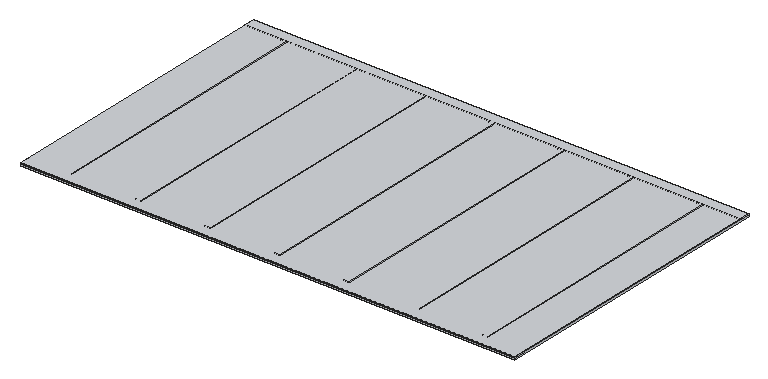
Revit family "GIS_BuildingRoof_GIS", category Modelos genéricos, Revit 2027
Family settings
  Pode hospedar o vergalhão = Não
  Cota do conector redondo = Utilizar diâmetro
  Tipo de parte = Normal
  Com base no plano de trabalho = Não
  Sempre na vertical = Sim
  Corte com vazios quando carregada = Não
  Manter orientação da anotação = Não
  Compartilhado = Não
  Ponto de cálculo do ambiente = Não
Parameters (values of type "ROOF_GIS_31M_EST")
  Elevação padrão = 0 mm
  BIM_TensaoSecundaria_kV = 0
  BIM_TensaoNominal_kV = 0
  BIM_TensaoClasse_kV = 0
  BIM_TensaoClasseSecundaria_kV = 0
  BIM_Sistema_Elemento [instance] = ""
  BIM_ReferenciaCatalogo = "Portfolio estimate; structural design, HVAC and weatherproofing pending"
  BIM_Profundidade = 18600 mm
  BIM_Potencia_MVA = 0
  BIM_Localizacao [instance] = ""
  BIM_Largura = 31600 mm
  BIM_Impedancia_pu = 0
  BIM_FonteGeometria = "Portfolio estimate; structural design, HVAC and weatherproofing pending"
  BIM_Fabricante = "NAO SELECIONADO"
  BIM_EstadoGeometria = "ESTIMATED"
  BIM_EstadoEspecificacao = "PREMISSA / NAO SELECIONADO"
  BIM_DescricaoEstudo = "Cobertura conceitual para GIS; estrutura, cargas, ventilacao e impermeabilizacao pendentes."
  BIM_CorrenteReferenciaSecundaria_A = 0
  BIM_CorrenteNominal_A = 0
  BIM_Bay [instance] = ""
  BIM_AlturaCorpoPrincipal = 180 mm
  BIM_Altura = 180 mm
Reference planes
  plane 1 "Centro (Frente/Trás)": y = 0
  plane 2: z = 0
  plane 3 "Centro (Esquerda/Direita)": x = 0
  plane 4 "BIM Left": x = -15800
  plane 5 "BIM Right": x = 15800
  plane 6 "BIM Front": y = -9300
  plane 7 "BIM Back": y = 9300
Forms (mm)
  Extrusion 1, solid
    sketch origin (0, 0, 0) x (1, 0, 0) y (0, 1, 0)
      loop
        line (-15800, -9300) -> (15800, -9300) -> (15800, 9300) -> (-15800, 9300) -> (-15800, -9300)
    from 0 to 180 <- "BIM_AlturaCorpoPrincipal"
  Extrusion 2, solid
    sketch origin (0, 0, 14.4) x (1, 0, 0) y (0, 1, 0)
      loop
        line (-15800, -9300) -> (15800, -9300) -> (15800, 9300) -> (-15800, 9300) -> (-15800, -9300)
    from 0 to 93.6
  Extrusion 3, solid
    sketch origin (0, 0, 108) x (1, 0, 0) y (0, 1, 0)
      loop
        line (-13439.4, -8556) -> (-13104.6, -8556) -> (-13104.6, 8556) -> (-13439.4, 8556) -> (-13439.4, -8556)
    from 0 to 61.2
  Extrusion 4, solid
    sketch origin (0, 0, 108) x (1, 0, 0) y (0, 1, 0)
      loop
        line (-9015.4, -8556) -> (-8680.6, -8556) -> (-8680.6, 8556) -> (-9015.4, 8556) -> (-9015.4, -8556)
    from 0 to 61.2
  Extrusion 5, solid
    sketch origin (0, 0, 108) x (1, 0, 0) y (0, 1, 0)
      loop
        line (-4591.4, -8556) -> (-4256.6, -8556) -> (-4256.6, 8556) -> (-4591.4, 8556) -> (-4591.4, -8556)
    from 0 to 61.2
  Extrusion 6, solid
    sketch origin (0, 0, 108) x (1, 0, 0) y (0, 1, 0)
      loop
        line (-167.4, -8556) -> (167.4, -8556) -> (167.4, 8556) -> (-167.4, 8556) -> (-167.4, -8556)
    from 0 to 61.2
  Extrusion 7, solid
    sketch origin (0, 0, 108) x (1, 0, 0) y (0, 1, 0)
      loop
        line (4256.6, -8556) -> (4591.4, -8556) -> (4591.4, 8556) -> (4256.6, 8556) -> (4256.6, -8556)
    from 0 to 61.2
  Extrusion 8, solid
    sketch origin (0, 0, 108) x (1, 0, 0) y (0, 1, 0)
      loop
        line (8680.6, -8556) -> (9015.4, -8556) -> (9015.4, 8556) -> (8680.6, 8556) -> (8680.6, -8556)
    from 0 to 61.2
  Extrusion 9, solid
    sketch origin (0, 0, 108) x (1, 0, 0) y (0, 1, 0)
      loop
        line (13104.6, -8556) -> (13439.4, -8556) -> (13439.4, 8556) -> (13104.6, 8556) -> (13104.6, -8556)
    from 0 to 61.2
  Extrusion 10, solid
    sketch origin (0, 0, 108) x (1, 0, 0) y (0, 1, 0)
      loop
        line (-15800, -9300) -> (15800, -9300) -> (15800, -8649) -> (-15800, -8649) -> (-15800, -9300)
    from 0 to 61.2
  Extrusion 11, solid
    sketch origin (0, 0, 108) x (1, 0, 0) y (0, 1, 0)
      loop
        line (-15800, 8649) -> (15800, 8649) -> (15800, 9300) -> (-15800, 9300) -> (-15800, 8649)
    from 0 to 61.2
Dimensions and locks
  "BIM_Largura": plane 4 "BIM Left" to plane 5 "BIM Right"
  "BIM_Profundidade": plane 6 "BIM Front" to plane 7 "BIM Back"
  aligned and locked: level to plane 2
  aligned and locked: plane 4 "BIM Left" to Extrusion 1
  aligned and locked: Extrusion 1 to plane 5 "BIM Right"
  aligned and locked: Extrusion 1 to plane 6 "BIM Front"
  aligned and locked: plane 7 "BIM Back" to Extrusion 1
Automatic sketch dimensions
  Extrusion 1 sketch curve to plane 4 "BIM Left" = 0 mm
  Extrusion 1 sketch curve to plane 5 "BIM Right" = 0 mm
  Extrusion 1 sketch curve to plane 6 "BIM Front" = 0 mm
  Extrusion 1 sketch curve to plane 7 "BIM Back" = 0 mm
  Extrusion 2 sketch curve to plane 4 "BIM Left" = 0 mm
  Extrusion 2 sketch curve to plane 5 "BIM Right" = 0 mm
  Extrusion 2 sketch curve to plane 6 "BIM Front" = 0 mm
  Extrusion 2 sketch curve to plane 7 "BIM Back" = 0 mm
  plane 6 "BIM Front" to Extrusion 3 sketch curve = 744 mm
  Extrusion 3 sketch curve to plane 4 "BIM Left" = 2360.6 mm
  Extrusion 3 sketch curve to Extrusion 3 sketch curve = 334.8 mm
  Extrusion 3 sketch curve to plane 7 "BIM Back" = 744 mm
  plane 6 "BIM Front" to Extrusion 4 sketch curve = 744 mm
  Extrusion 4 sketch curve to plane 4 "BIM Left" = 6784.6 mm
  Extrusion 4 sketch curve to Extrusion 4 sketch curve = 334.8 mm
  Extrusion 4 sketch curve to plane 7 "BIM Back" = 744 mm
  plane 6 "BIM Front" to Extrusion 5 sketch curve = 744 mm
  Extrusion 5 sketch curve to plane 3 "Centro (Esquerda/Direita)" = 4591.4 mm
  Extrusion 5 sketch curve to Extrusion 5 sketch curve = 334.8 mm
  Extrusion 5 sketch curve to plane 7 "BIM Back" = 744 mm
  Extrusion 6 sketch curve to plane 3 "Centro (Esquerda/Direita)" = 167.4 mm
  plane 3 "Centro (Esquerda/Direita)" to Extrusion 6 sketch curve = 167.4 mm
  plane 6 "BIM Front" to Extrusion 6 sketch curve = 744 mm
  Extrusion 6 sketch curve to plane 7 "BIM Back" = 744 mm
  plane 6 "BIM Front" to Extrusion 7 sketch curve = 744 mm
  plane 3 "Centro (Esquerda/Direita)" to Extrusion 7 sketch curve = 4256.6 mm
  Extrusion 7 sketch curve to Extrusion 7 sketch curve = 334.8 mm
  Extrusion 7 sketch curve to plane 7 "BIM Back" = 744 mm
  plane 6 "BIM Front" to Extrusion 8 sketch curve = 744 mm
  plane 5 "BIM Right" to Extrusion 8 sketch curve = 7119.4 mm
  Extrusion 8 sketch curve to Extrusion 8 sketch curve = 334.8 mm
  Extrusion 8 sketch curve to plane 7 "BIM Back" = 744 mm
  plane 6 "BIM Front" to Extrusion 9 sketch curve = 744 mm
  plane 5 "BIM Right" to Extrusion 9 sketch curve = 2695.4 mm
  Extrusion 9 sketch curve to Extrusion 9 sketch curve = 334.8 mm
  Extrusion 9 sketch curve to plane 7 "BIM Back" = 744 mm
  Extrusion 10 sketch curve to plane 4 "BIM Left" = 0 mm
  Extrusion 10 sketch curve to plane 5 "BIM Right" = 0 mm
  Extrusion 10 sketch curve to plane 6 "BIM Front" = 0 mm
  plane 6 "BIM Front" to Extrusion 10 sketch curve = 651 mm
  Extrusion 11 sketch curve to plane 4 "BIM Left" = 0 mm
  Extrusion 11 sketch curve to plane 5 "BIM Right" = 0 mm
  Extrusion 11 sketch curve to plane 7 "BIM Back" = 0 mm
  Extrusion 11 sketch curve to Extrusion 11 sketch curve = 651 mm
